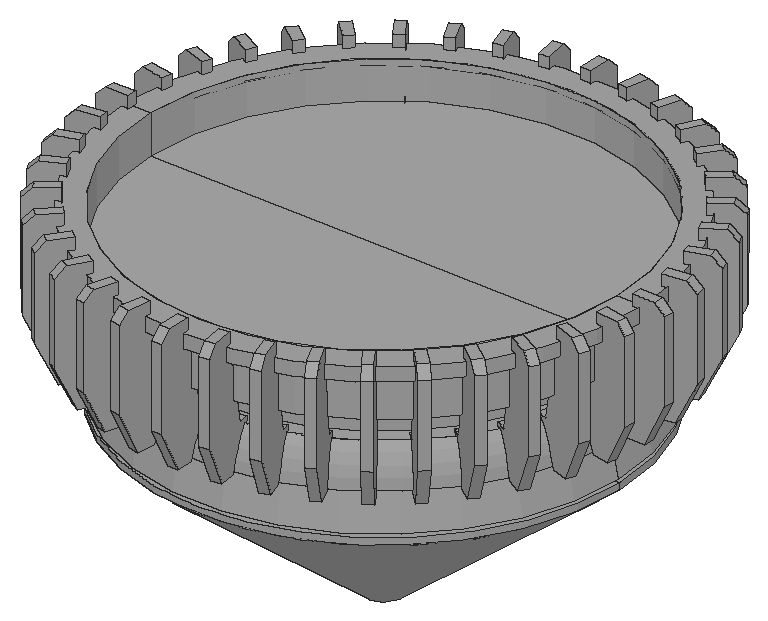
Revit family "KSL_Kemlux-Cone", category Lighting Fixtures, host Face, Revit 2021 (continued)
Definition of nested family "KSL"
  Automatic sketch dimensions
    Extrusion 38 sketch curve to Extrusion 38 sketch curve = 0' - 1.02515"
    Extrusion 38 sketch curve to Extrusion 38 sketch curve = 0' - 0.67103"
    Extrusion 38 sketch curve to Extrusion 38 sketch curve = 0' - 1.93305"
    Extrusion 38 sketch curve to Extrusion 38 sketch curve = 0' - 0.08345"
    Extrusion 39 sketch curve to Extrusion 39 sketch curve = 0' - 0 7/16"
    Extrusion 39 sketch curve to Extrusion 39 sketch curve = 0' - 0.13206"
    Extrusion 39 sketch curve to Extrusion 39 sketch curve = 0' - 0.295"
    Extrusion 39 sketch curve to Extrusion 39 sketch curve = 0' - 0.38321"
    Extrusion 39 sketch curve to Extrusion 39 sketch curve = 0' - 0.43044"
    Extrusion 39 sketch curve to Extrusion 39 sketch curve = 0' - 0.57179"
    Extrusion 39 sketch curve to Extrusion 39 sketch curve = 0' - 0 1/4"  (x2)
    Extrusion 39 sketch curve to Extrusion 39 sketch curve = 0' - 0.39395"
    Extrusion 39 sketch curve to Extrusion 39 sketch curve = 0' - 1.02515"
    Extrusion 39 sketch curve to Extrusion 39 sketch curve = 0' - 0.67103"
    Extrusion 39 sketch curve to Extrusion 39 sketch curve = 0' - 1.93305"
    Extrusion 39 sketch curve to Extrusion 39 sketch curve = 0' - 0.08345"
    Extrusion 40 sketch curve to Extrusion 40 sketch curve = 0' - 0 7/16"
    Extrusion 40 sketch curve to Extrusion 40 sketch curve = 0' - 0.13206"
    Extrusion 40 sketch curve to Extrusion 40 sketch curve = 0' - 0.295"
    Extrusion 40 sketch curve to Extrusion 40 sketch curve = 0' - 0.38321"
    Extrusion 40 sketch curve to Extrusion 40 sketch curve = 0' - 0.43044"
    Extrusion 40 sketch curve to Extrusion 40 sketch curve = 0' - 0.57179"
    Extrusion 40 sketch curve to Extrusion 40 sketch curve = 0' - 0 1/4"  (x2)
    Extrusion 40 sketch curve to Extrusion 40 sketch curve = 0' - 0.39395"
    Extrusion 40 sketch curve to Extrusion 40 sketch curve = 0' - 1.02515"
    Extrusion 40 sketch curve to Extrusion 40 sketch curve = 0' - 0.67103"
    Extrusion 40 sketch curve to Extrusion 40 sketch curve = 0' - 1.93305"
    Extrusion 40 sketch curve to Extrusion 40 sketch curve = 0' - 0.08345"
    Extrusion 41 sketch curve to Extrusion 41 sketch curve = 0' - 0 7/16"
    Extrusion 41 sketch curve to Extrusion 41 sketch curve = 0' - 0.13206"
    Extrusion 41 sketch curve to Extrusion 41 sketch curve = 0' - 0.295"
    Extrusion 41 sketch curve to Extrusion 41 sketch curve = 0' - 0.38321"
    Extrusion 41 sketch curve to Extrusion 41 sketch curve = 0' - 0.43044"
    Extrusion 41 sketch curve to Extrusion 41 sketch curve = 0' - 0.57179"
    Extrusion 41 sketch curve to Extrusion 41 sketch curve = 0' - 0 1/4"  (x2)
    Extrusion 41 sketch curve to Extrusion 41 sketch curve = 0' - 0.39395"
    Extrusion 41 sketch curve to Extrusion 41 sketch curve = 0' - 1.02515"
    Extrusion 41 sketch curve to Extrusion 41 sketch curve = 0' - 0.67103"
    Extrusion 41 sketch curve to Extrusion 41 sketch curve = 0' - 1.93305"
    Extrusion 41 sketch curve to Extrusion 41 sketch curve = 0' - 0.08345"
    Extrusion 42 sketch curve to Extrusion 42 sketch curve = 0' - 0 7/16"
    Extrusion 42 sketch curve to Extrusion 42 sketch curve = 0' - 0.13206"
    Extrusion 42 sketch curve to Extrusion 42 sketch curve = 0' - 0.295"
    Extrusion 42 sketch curve to Extrusion 42 sketch curve = 0' - 0.38321"
    Extrusion 42 sketch curve to Extrusion 42 sketch curve = 0' - 0.43044"
    Extrusion 42 sketch curve to Extrusion 42 sketch curve = 0' - 0.57179"
    Extrusion 42 sketch curve to Extrusion 42 sketch curve = 0' - 0 1/4"  (x2)
    Extrusion 42 sketch curve to Extrusion 42 sketch curve = 0' - 0.39395"
    Extrusion 42 sketch curve to Extrusion 42 sketch curve = 0' - 1.02515"
    Extrusion 42 sketch curve to Extrusion 42 sketch curve = 0' - 0.67103"
    Extrusion 42 sketch curve to Extrusion 42 sketch curve = 0' - 1.93305"
    Extrusion 42 sketch curve to Extrusion 42 sketch curve = 0' - 0.08345"
    Extrusion 43 sketch curve to Extrusion 43 sketch curve = 0' - 0 7/16"
    Extrusion 43 sketch curve to Extrusion 43 sketch curve = 0' - 0.13206"
    Extrusion 43 sketch curve to Extrusion 43 sketch curve = 0' - 0.295"
    Extrusion 43 sketch curve to Extrusion 43 sketch curve = 0' - 0.38321"
    Extrusion 43 sketch curve to Extrusion 43 sketch curve = 0' - 0.43044"
    Extrusion 43 sketch curve to Extrusion 43 sketch curve = 0' - 0.57179"
    Extrusion 43 sketch curve to Extrusion 43 sketch curve = 0' - 0 1/4"  (x2)
    Extrusion 43 sketch curve to Extrusion 43 sketch curve = 0' - 0.39395"
    Extrusion 43 sketch curve to Extrusion 43 sketch curve = 0' - 1.02515"
    Extrusion 43 sketch curve to Extrusion 43 sketch curve = 0' - 0.67103"
    Extrusion 43 sketch curve to Extrusion 43 sketch curve = 0' - 1.93305"
    Extrusion 43 sketch curve to Extrusion 43 sketch curve = 0' - 0.08345"
    Extrusion 1 sketch curve to Extrusion 1 sketch curve = 8' - 0"  (x2)
    curve 8 to plane 7 = 0' - 0.35927"
    level to curve 10 = 0' - 1 3/4"
    curve 1 to plane 3 "Center (Left/Right)" = 0' - 0"
    plane 7 to curve 5 = 0' - 0"
    curve 11 to plane 7 = 0' - 0.35927"
    curve 2 to plane 7 = 0' - 0.45302"
    curve 8 to curve 8 = 0' - 0.39073"
    curve 2 to curve 4 = 0' - 0.39073"
    curve 4 to curve 4 = 0' - 0 1/4"
    plane 7 to curve 10 = 0' - 0.75471"
    plane 7 to curve 7 = 0' - 0.72501"
    plane 7 to curve 11 = 0' - 0.6022"
    plane 7 to curve 12 = 0' - 0.39176"
    plane 5 to curve 12 = 0' - 0.25875"
    curve 9 to curve 9 = 0' - 1"
    curve 7 to curve 6 = 0' - 0.62254"
    curve 5 to curve 2 = 0' - 0.37746"
    Revolve 2 sketch curve to level = 0' - 0"
    Revolve 2 sketch curve to plane 3 "Center (Left/Right)" = 0' - 0"  (x2)
    plane 7 to Revolve 2 sketch curve = 0' - 0"  (x2)
    level to Revolve 2 sketch curve = 0' - 0.16729"
    Revolve 2 sketch curve to plane 7 = 0' - 0.23742"
    Revolve 2 sketch curve to Revolve 2 sketch curve = 0' - 0.39032"
    Revolve 2 sketch curve to plane 7 = 0' - 0.45302"
    Revolve 2 sketch curve to Revolve 2 sketch curve = 0' - 0.49031"
    Revolve 2 sketch curve to Revolve 2 sketch curve = 0' - 0.00969"
    Revolve 2 sketch curve to Revolve 2 sketch curve = 0' - 0.51192"
    Revolve 2 sketch curve to Revolve 2 sketch curve = 0' - 0.39073"
    Revolve 2 sketch curve to Revolve 2 sketch curve = 0' - 0 1/4"
    plane 7 to Revolve 2 sketch curve = 0' - 0.70329"
    Revolve 2 sketch curve to Revolve 2 sketch curve = 0' - 0.08271"
    Revolve 2 sketch curve to Revolve 2 sketch curve = 0' - 1 1/8"
    Revolve 2 sketch curve to Revolve 2 sketch curve = 0' - 0.72893"
    Revolve 2 sketch curve to Revolve 2 sketch curve = 0' - 0.37746"
    Revolve 2 sketch curve to Revolve 2 sketch curve = 0' - 0.62007"
    Revolve 2 sketch curve to Revolve 2 sketch curve = 0' - 0.3497"
    Revolve 2 sketch curve to Revolve 2 sketch curve = 0' - 5 13/16"
    level to curve 6 = 0' - 5.37007"
    curve 4 to curve 12 = 0' - 0.3497"
    curve 4 to curve 2 = 0' - 0.55259"
    curve 12 to curve 3 = 0' - 0.2029"
    Revolve 2 sketch curve to Revolve 2 sketch curve = 0' - 3 3/4"
Types (10): name | Wattage Comments | Wattage | Watt | Photometric Web File | Optics | built-in parameter 1150105 | Lumens | Lamp | built-in parameter 1150106 | built-in parameter 1150104 | Apparent Load
  (no name) | "86 Watts" | 86 W | 86 W | "KXL-36L-X-5K-5M.ies" | "Type V Square" | 718.58 (stored number, unit not read) | 9030 lm | "36 High Performanc LEDs" | 7.1858 (stored number, unit not read) | 9.7548 (stored number, unit not read) | 86 VA
  KSL-18L-X-5K-5M | "43 Watts" | 43 W | 43 W | "KXL-18L-X-5K-5M.ies" | "Type V Square" | 352.45 (stored number, unit not read) | 4429 lm | "18 High Performanc LEDs" | 3.5245 (stored number, unit not read) | 9.569 (stored number, unit not read) | 43 VA
  KSL-18L-X-5K-5R | "43 Watts" | 43 W | 43 W | "KXL-18L-X-5K-5R.ies" | "Type V Rectangle" | 345.6 (stored number, unit not read) | 4343 lm | "18 High Performanc LEDs" | 3.456 (stored number, unit not read) | 9.3832 (stored number, unit not read) | 43 VA
  KSL-18L-X-5K-N | "43 Watts" | 43 W | 43 W | "KXL-18L-X-5K-N.ies" | "Narrow" | 349.03 (stored number, unit not read) | 4386 lm | "18 High Performanc LEDs" | 3.4903 (stored number, unit not read) | 9.4761 (stored number, unit not read) | 43 VA
  KSL-24L-X-5K-5M | "57 Watts" | 57 W | 57 W | "KXL-24L-X-5K-5M.ies" | "Type V Square" | 476.27 (stored number, unit not read) | 5985 lm | "24 High Performanc LEDs" | 4.7627 (stored number, unit not read) | 9.7548 (stored number, unit not read) | 57 VA
  KSL-24L-X-5K-5R | "57 Watts" | 57 W | 57 W | "KXL-24L-X-5K-5R.ies" | "Type V Rectangle" | 453.59 (stored number, unit not read) | 5700 lm | "24 High Performanc LEDs" | 4.5359 (stored number, unit not read) | 9.2903 (stored number, unit not read) | 57 VA
  KSL-24L-X-5K-N | "57 Watts" | 57 W | 57 W | "KXL-24L-X-5K-N.ies" | "Narrow" | 467.2 (stored number, unit not read) | 5871 lm | "24 High Performanc LEDs" | 4.672 (stored number, unit not read) | 9.569 (stored number, unit not read) | 57 VA
  KSL-36L-X-5K-5M | "86 Watts" | 86 W | 86 W | "KXL-36L-X-5K-5M.ies" | "Type V Square" | 718.58 (stored number, unit not read) | 9030 lm | "36 High Performanc LEDs" | 7.1858 (stored number, unit not read) | 9.7548 (stored number, unit not read) | 86 VA
  KSL-36L-X-5K-5R | "86 Watts" | 86 W | 86 W | "KXL-36L-X-5K-5R.ies" | "Type V Rectangle" | 677.52 (stored number, unit not read) | 8514 lm | "36 High Performanc LEDs" | 6.7752 (stored number, unit not read) | 9.1974 (stored number, unit not read) | 86 VA
  KSL-36L-X-5K-N | "86 Watts" | 86 W | 86 W | "KXL-36L-X-5K-N.ies" | "Narrow" | 698.05 (stored number, unit not read) | 8772 lm | "36 High Performanc LEDs" | 6.9805 (stored number, unit not read) | 9.4761 (stored number, unit not read) | 86 VA
